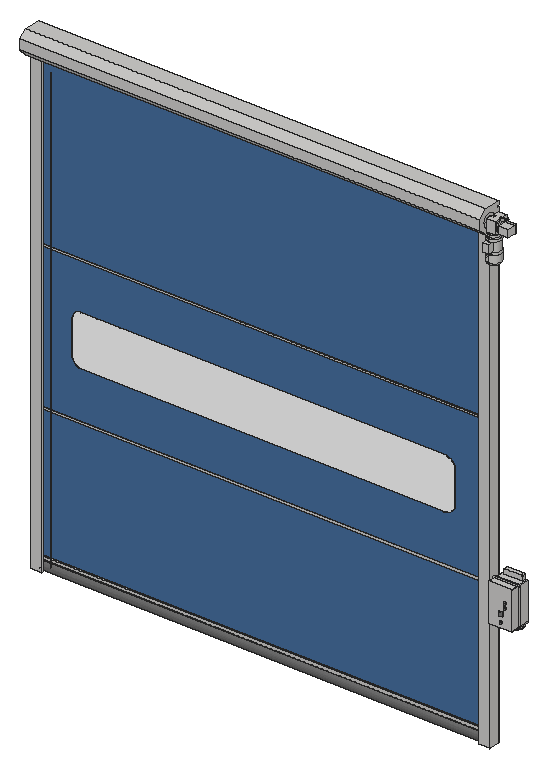
Revit family "g2021_EN_Roll-up-Door_Ferroflex_Quick-Door_Fenroll_D00683ES", category Doors, host Wall, Revit 2021
Family settings
  Host = Wall
  OmniClass Number = 23.30.10.00
  OmniClass Title = Doors
  Always vertical = Yes
  Cut with Voids When Loaded = No
  Shared = No
  Room Calculation Point = No
Parameters (values of type "Roll-up Door, 4500 x 4500 m")
  Zone = ""
  Expected Service Life = ""
  Vertical Motor [instance] = not(Horizontal Motor)  # yes
  GDO-BIM Standard Version = "GDO-BIM V02"  # constant formula
  Version = "RVT2021"  # constant formula
  Measuring Unit = "Unit"  # constant formula
  Unit = ""
  Uniclass2015 Code = ""
  Uniclass2015 Title = ""
  Declaration of Performance URL = "https://ferroflexindustrialaccess.com/productos/puerta-rapida-enrollable-acero"
  Product URL = "https://ferroflexindustrialaccess.com/productos/puerta-rapida-enrollable-acero"
  BIM Profile URL = "https://bimetica.com/en/bim-object-ferroflex-high-speed-roll-up-door-steel-fenrolld00683es-v2-15964.html"
  URL = "https://ferroflexindustrialaccess.com/productos/puerta-rapida-enrollable-acero"
  UNSPSC Title = "Rolling doors"  # constant formula
  UNSPSC Code = "30171503"  # constant formula
  Type Comments = ""
  Owner = "MANUSA GEST, S.L."  # constant formula
  Container Protection Type = ""
  Service Life Duration = ""
  Mean Time Between Failure = ""
  Thickness = E  # 110 mm
  Telephone Contact = "0034 937 263 433"  # constant formula
  BIM technical support = "https://bimsupport.info/en/fabricantes/ferroflex/"
  Series = "Roll-up Doors"  # constant formula
  FireExit = no
  Safety and Security Contact = ""
  Tender Contact = ""
  Purchase Contact = ""
  Hazardous Waste Per Unit = 0
  NonHazardous Waste Per Unit = 0
  Radioactive Waste Per Unit = 0
  Inert Waste Per Unit = 0
  Functional Unit Reference = ""
  Batch Reference = ""
  Technical Support Contact = "ferroflex@ferroflex.net"  # constant formula
  Sales Representative Contact = "ferroflex@ferroflex.net"  # constant formula
  Reference = "D00683ES-V2"  # constant formula
  Point of Contact = "https://ferroflexindustrialaccess.com/contact"
  BIM Content Download Platform = "www.bimetica.com"
  Weight = 0.00 kg
  Warranty Period = "One year"  # constant formula
  Tender Text URL = ""
  Country of Sale = ""
  Operation = "Enrrollable"  # constant formula
  Omniclass Title = "Access Doors"  # constant formula
  Omniclass Code = "23-17 11 27 13"  # constant formula
  License Number = "XXX-XXXX7125"  # constant formula
  Declaration of Performance Number = ""
  Serial Number = ""
  Global Trade Item Number = ""
  Article Number = "D00683ES-V2"  # constant formula
  Risk Level = ""
  Model = "Fenroll"  # constant formula
  Material Telon = PVC_Blue
  Wrapping Material = "Plastic wrapping"
  Container Material = "Wooden box"
  Material = Iron_Laquered
  Masterformat Title = "Access Doors and Panels"  # constant formula
  Masterformat Code = "08 31 00"  # constant formula
  CE Mark = yes
  Manufacturer = "Ferroflex S.L.U."  # constant formula
  Maintenance = ""
  Assembly Place = "On site"
  Special Instructions = ""
  Technical Information = ""
  Infiltration = 0
  IfcExportType = "Roll-up door"  # constant formula
  IfcExportAs = "IfcDoor"  # constant formula
  Warranty Identifier = ""
  Horizontal Motor [instance] = no
  History = "(RVT2021) Creation of Element."  # constant formula
  Gubimclass Code = "Puertas de acceso"  # constant formula
  Gubimclass Title = "80.10.40.20"  # constant formula
  Is Extended Warranty = no
  G = 320 mm  # constant formula
  Function = Interior
  LCA Data Source = ""
  Frame Projection Ext. = 25 mm
  Frame Projection Int. = 25 mm
  Fire Rating = "Curtain ISO 3795-89"  # constant formula
  E = 110 mm  # constant formula
  D = 115 mm  # constant formula
  Description = "Rapid roll-up door, consisting of guides and head in lacquered or stainless steel. PVC canvas with polyester fabric, color to choose. Control panel with variator. Active security by means of crossed photocells barriers and possibility of lower skirt with resistive band."  # constant formula
  Define Thermal Properties by = Schematic Type
  Control panel Visible [instance] = yes
  C = 500 mm  # constant formula
  B = 240 mm  # constant formula
  Sight glass area = "Possibility of sight glass areas are available"
  Angl [instance] = if(Vertical Motor, 180.00°, if(Horizontal Motor, 90.00°, 0.00°))  # 180.00°
  Analytic Construction = "<Ninguno>"
  Height = if((Clear Height + 500 mm) < 2100 mm, 2100 mm, if((Clear Height + 500 mm) > 4500 mm, 4500 mm, Clear Height))  # 4500 mm
  Wall Closure = Interior
  Width = if((Clear Width + 115 mm) < 1000 mm, 1000 mm, if((Clear Width + 115 mm) > 4500 mm, 4500 mm, Clear Width))  # 4500 mm
  Glazing Area Fraction = 0
  Photochemical Ozone Formation Per Unit = 0
  BIM Eelement Expiry Date = "2 years"  # constant formula
  Supply Date = ""
  Warranty Start Date = ""
  Warranty End Date = ""
  Assessment Date = ""
  BIM Element Issue Date = "29/11/2022"  # constant formula
  Purchase Date = ""
  Installation Date = ""
  Life Cycle Phase = ""
  Resource Depletion Per Unit = 0
  Exclusions = ""
  Eutrophication Per Unit = 0
  Model Label = "Fenroll Roll-up Door"  # constant formula
  Safety Standard = "2006/42/CE"
  Clear Area to Access = 0 mm
  Space = ""
  HasDrive = yes
  Is External = 1 = 1  # yes
  Is Accesible = no
  Energy Spent = 0
  Renewable Energy Consumption Per Unit = 0
  Total Primary Energy Consumption Per Unit = 0
  Non Renewable Energy Consumption Per Unit = 0
  Contact Email = "ferroflex@ferroflex.net"  # constant formula
  Stratospheric Ozone Layer Destruction Per Unit = 0
  Exterior Offset = 0 mm
  Interior Offset = 0 mm
  Assessment Description = ""
  Dependent Of = ""
  Environmental Product Declaration URL = ""
  LEED Credits = ""
  BREEAM Credits = ""
  Maintenance Cost = 0
  SmokeStop = no
  Warranty Content = "Materials"
  Contact = "https://ferroflexindustrialaccess.com/contact"
  Condition of Sale = ""
  Assessment Condition = ""
  Barcode = ""
  Code = "Fenroll"  # constant formula
  Hygrothermal Rating = ""
  Security Rating = "ISO 1421 / ISO 13937-2"
  Water Tightness Rating = ""
  Mechanical Load Rating = ""
  Wind Load Rating = "Class 2"  # constant formula
  Self Closing = no
  Climate Change Per Unit = 0
  Durability Rating = ""
  COBie Category = "IfcDoor"  # constant formula
  Product Pricing Database 03 = ""
  Product Pricing Database 02 = ""
  Product Pricing Database 01 = ""
  Author = "Bimetica Parametric Design Services S.L."  # constant formula
  Production Year = ""
  Clear Width = 4500 mm
  Minimum Required Height = 2100 mm
  Clear Height = 4500 mm
  Control panel Height = 1200 mm
  Water Consumption Per Unit = 0
  Atmospheric Acidification Per Unit = 0
  Finish = "Laquered"
  A = 240 mm  # constant formula
Reference planes
  plane 1: y = 0
  plane 2 "Center (Left/Right)": x = 0
  plane 3 "Left": x = -2250
  plane 4 "Right": x = 2250
  plane 5: z = 4500
  plane 6 "Exterior": y = -150
  plane 7 "Interior": y = -150
  plane 8: x = 2365
  plane 9: x = -2365
  plane 10: y = -260
  plane 11: z = 5000
  plane 12: y = -390
  plane 13 "Cuadro de Mando": z = 1200
  plane 14 "Motor": z = 4880
  plane 15 "Bottom": z = 0
  plane 16: z = 4760
  plane 17: x = 2685
  plane 18 "MM": x = 2453
Forms (mm)
  Extrusion 1, solid, material "Iron_Laquered" <- "Material"
    sketch origin (0, 0, 0) x (0, 1, 0) y (0, 0, 1)
      loop
        line (-150, 5000) -> (-320.389, 5000) -> (-390, 4930.389) -> (-390, 4829.789) -> (-320.211, 4760) -> (-150, 4760) -> (-150, 4940) -> (-170, 4940) -> (-170, 4960) -> (-150, 4960) -> (-150, 5000)
    from -2365 to 2365
  Extrusion 2, solid, material "Iron_Laquered" <- "Material"
    sketch origin (0, 0, 0) x (0, 1, 0) y (-1, 0, 0)
      loop
        line (-150, -2362) -> (-150, -2246.609)
        arc (-150, -2246.609) -> (-150.702, -2244.681) -> (-152.479, -2243.655) r 3
        line (-152.479, -2243.655) -> (-159.771, -2242.369) -> (-160.373, -2245.783) -> (-183.282, -2240.951) -> (-183.282, -2317.666) -> (-247.836, -2317.666) -> (-247.836, -2245.194) -> (-251.608, -2245.99) -> (-251.782, -2245.005) -> (-257.521, -2246.017)
        arc (-257.521, -2246.017) -> (-259.298, -2247.043) -> (-260, -2248.971) r 3
        line (-260, -2248.971) -> (-260, -2362)
        arc (-260, -2362) -> (-259.121, -2364.121) -> (-257, -2365) r 3
        line (-257, -2365) -> (-153, -2365)
        arc (-153, -2365) -> (-150.879, -2364.121) -> (-150, -2362) r 3
      loop
        arc (-150, 2362) -> (-150.879, 2364.121) -> (-153, 2365) r 3
        line (-153, 2365) -> (-257, 2365)
        arc (-257, 2365) -> (-259.121, 2364.121) -> (-260, 2362) r 3
        line (-260, 2362) -> (-260, 2248.971)
        arc (-260, 2248.971) -> (-259.298, 2247.043) -> (-257.521, 2246.017) r 3
        line (-257.521, 2246.017) -> (-251.782, 2245.005) -> (-251.608, 2245.99) -> (-247.836, 2245.194) -> (-247.836, 2317.666) -> (-183.282, 2317.666) -> (-183.282, 2240.951) -> (-160.373, 2245.783) -> (-159.771, 2242.369) -> (-152.479, 2243.655)
        arc (-152.479, 2243.655) -> (-150.702, 2244.681) -> (-150, 2246.609) r 3
        line (-150, 2246.609) -> (-150, 2362)
    from 0 to 4760
  Extrusion 3, solid, material "Iron_Laquered" <- "Material", detail levels medium+fine
    sketch origin (0, 0, 0) x (0, 1, 0) y (0, 0, 1)
      loop
        line (-238.859, 142.255) -> (-238.859, 112.255) -> (-235.34, 104.331)
        arc (-235.34, 104.331) -> (-246.667, 48.579) -> (-217.059, 0) r 77.879
        line (-217.059, 0) -> (-214.059, 0)
        arc (-214.059, 0) -> (-184.451, 48.579) -> (-195.778, 104.331) r 77.879
        line (-195.778, 104.331) -> (-192.259, 112.255) -> (-192.259, 142.255) -> (-238.859, 142.255)
    from -2317.666 to 2317.666
  Extrusion 4, solid, material "PVC_Blue" <- "Material Telon", detail levels medium+fine
    sketch origin (0, -150, 0) x (1, 0, 0) y (0, 0, 1)
      loop
        line (-2317.666, 4760) -> (-2317.666, 142.255) -> (2317.666, 142.255) -> (2317.666, 4760) -> (-2317.666, 4760)
      loop
        line (1971.235, 2089.55) -> (1971.235, 2410.45)
        arc (1971.235, 2410.45) -> (1941.946, 2481.161) -> (1871.235, 2510.45) r 100
        line (1871.235, 2510.45) -> (-1870.893, 2510.45)
        arc (-1870.893, 2510.45) -> (-1941.603, 2481.161) -> (-1970.893, 2410.45) r 100
        line (-1970.893, 2410.45) -> (-1970.893, 2089.55)
        arc (-1970.893, 2089.55) -> (-1941.603, 2018.839) -> (-1870.893, 1989.55) r 100
        line (-1870.893, 1989.55) -> (1871.235, 1989.55)
        arc (1871.235, 1989.55) -> (1941.946, 2018.839) -> (1971.235, 2089.55) r 100
    from 63.559 to 67.559
  Extrusion 5, solid, material "PVC_Transparente", detail levels medium+fine
    sketch origin (0, -150, 0) x (1, 0, 0) y (0, 0, 1)
      loop
        arc (-1970.893, 2089.55) -> (-1941.603, 2018.839) -> (-1870.893, 1989.55) r 100
        line (-1870.893, 1989.55) -> (1871.235, 1989.55)
        arc (1871.235, 1989.55) -> (1941.946, 2018.839) -> (1971.235, 2089.55) r 100
        line (1971.235, 2089.55) -> (1971.235, 2410.45)
        arc (1971.235, 2410.45) -> (1941.946, 2481.161) -> (1871.235, 2510.45) r 100
        line (1871.235, 2510.45) -> (-1870.893, 2510.45)
        arc (-1870.893, 2510.45) -> (-1941.603, 2481.161) -> (-1970.893, 2410.45) r 100
        line (-1970.893, 2410.45) -> (-1970.893, 2089.55)
    from 63.559 to 67.559
  Extrusion 6, solid, material "Iron_Laquered" <- "Material", detail levels fine
    sketch origin (0, 0, 0) x (0, 1, 0) y (0, 0, 1)
      loop
        line (-217.559, 1510) -> (-227.559, 1510) -> (-227.559, 1490) -> (-217.559, 1490) -> (-217.559, 1510)
      loop
        line (-217.559, 3010) -> (-227.559, 3010) -> (-227.559, 2990) -> (-217.559, 2990) -> (-217.559, 3010)
    from -2317.666 to 2317.666
  Revolve 7, solid, material "Iron_Laquered" <- "Material", detail levels medium+fine
    sketch origin (2453, -270, 4880) x (0, 0, -1) y (0, -1, 0)
      loop
        line (319.068, 117.917) -> (238.44, 117.917) -> (236.307, 120.05) -> (217, 120.05) -> (217, 112.766) -> (118, 112.766) -> (118, 117.498) -> (102, 117.498) -> (102, 104.934) -> (85.1, 102.559) -> (72, 102.559) -> (72, 85.622) -> (64.594, 84.581) -> (64.594, 75.32) -> (30.225, 75.32) -> (30.225, 69.254) -> (-48.281, 69.254) -> (-48.281, 50) -> (337, 50) -> (337, 107.564) -> (319.068, 117.917)
      axis (337, 50) -> (-48.281, 50)
    angle from 0 to 360
  Revolve 8, solid, material "Iron_Laquered" <- "Material", detail levels medium+fine
    sketch origin (2453, -236.25, 4880) x (-1, 0, 0) y (0, -1, 0)
      loop
        line (-48, 35.959) -> (-48, 18.71) -> (-45.5, 18.71) -> (-45.5, -5) -> (-44.5, -5) -> (-44.5, -13.438) -> (-26.5, -13.438) -> (-26.5, -10.269) -> (22.5, -10.269) -> (22.5, -13.438) -> (40.5, -13.438) -> (40.5, 0) -> (79, 0) -> (79, -20) -> (88, -20) -> (88, 45) -> (-72, 45) -> (-72, 35.959) -> (-48, 35.959)
      axis (-72, 45) -> (88, 45)
    angle from 0 to 360
  Extrusion 9, solid, material "Iron_Laquered" <- "Material", detail levels fine
    sketch origin (2453, -270, 4880) x (0, 0, -1) y (0, -1, 0)
      loop
        line (-60.281, -60) -> (60, -60) -> (60, 84) -> (-60.281, 84) -> (-60.281, -60)
      loop
        line (-48.281, -48) -> (48, -48) -> (48, 72) -> (-48.281, 72) -> (-48.281, -48)
    from -41.7 to 42.5
  Extrusion 10, solid, material "Iron_Laquered" <- "Material", detail levels fine
    sketch origin (2453, -270, 4880) x (-1, 0, 0) y (0, -1, 0)
      loop
        line (-61.5, -13) -> (-61.5, -47) -> (-60.5, -47) -> (-60.5, -12) -> (-170.5, -12) -> (-170.5, -13) -> (-61.5, -13)
    from -48 to 43.064
  Extrusion 11, solid, material "Iron_Laquered" <- "Material", detail levels fine
    sketch origin (2453, -270, 4880) x (-1, 0, 0) y (0, -1, 0)
      loop
        line (-72, -11) -> (-72, 77.5) -> (-168.618, 77.5) -> (-168.618, -11) -> (-72, -11)
    from -47 to 28.816
  Extrusion 12, solid, material "Iron_Laquered" <- "Material", detail levels fine
    sketch origin (2453, -270, 4880) x (0, 0, -1) y (0, -1, 0)
      loop
        circle (36.357, -35.693) r 6.956
      loop
        circle (-35.976, -35.693) r 6.956
    from 0 to -73.513
  Extrusion 13, solid, material "Iron_Laquered" <- "Material", visible <- "Control panel Visible", detail levels fine
    sketch origin (-249.719, -150, 40.117) x (1, 0, 0) y (0, 0, 1)
      loop
        arc (2678.182, 1576.883) -> (2664.04, 1571.025) -> (2658.182, 1556.883) r 20
        line (2658.182, 1556.883) -> (2658.182, 1179.883)
        arc (2658.182, 1179.883) -> (2664.04, 1165.741) -> (2678.182, 1159.883) r 20
        line (2678.182, 1159.883) -> (2903.182, 1159.883)
        arc (2903.182, 1159.883) -> (2917.324, 1165.741) -> (2923.182, 1179.883) r 20
        line (2923.182, 1179.883) -> (2923.182, 1556.883)
        arc (2923.182, 1556.883) -> (2917.324, 1571.025) -> (2903.182, 1576.883) r 20
        line (2903.182, 1576.883) -> (2678.182, 1576.883)
    from 116.737 to 128.106
  Extrusion 14, solid, material "Iron_Laquered" <- "Material", visible <- "Control panel Visible"
    sketch origin (37.957, -150, 0.225) x (1, 0, 0) y (0, 0, 1)
      loop
        arc (2390.507, 1604.775) -> (2384.85, 1602.432) -> (2382.507, 1596.775) r 8
        line (2382.507, 1596.775) -> (2382.507, 1219.775)
        arc (2382.507, 1219.775) -> (2384.85, 1214.118) -> (2390.507, 1211.775) r 8
        line (2390.507, 1211.775) -> (2615.507, 1211.775)
        arc (2615.507, 1211.775) -> (2621.163, 1214.118) -> (2623.507, 1219.775) r 8
        line (2623.507, 1219.775) -> (2623.507, 1596.775)
        arc (2623.507, 1596.775) -> (2621.163, 1602.432) -> (2615.507, 1604.775) r 8
        line (2615.507, 1604.775) -> (2390.507, 1604.775)
    from 0 to 196.334
  Extrusion 15, solid, material "Iron_Laquered" <- "Material", visible <- "Control panel Visible", detail levels fine
    sketch origin (0, -150, 0) x (1, 0, 0) y (0, 0, 1)
      loop
        arc (2455.964, 1656.5) -> (2448.893, 1653.571) -> (2445.964, 1646.5) r 10
        line (2445.964, 1646.5) -> (2445.964, 1605) -> (2635.964, 1605) -> (2635.964, 1645.5)
        arc (2635.964, 1645.5) -> (2632.742, 1653.278) -> (2624.964, 1656.5) r 11
        line (2624.964, 1656.5) -> (2455.964, 1656.5)
      loop
        line (2455.964, 1160.5) -> (2624.964, 1160.5)
        arc (2624.964, 1160.5) -> (2632.742, 1163.722) -> (2635.964, 1171.5) r 11
        line (2635.964, 1171.5) -> (2635.964, 1212) -> (2445.964, 1212) -> (2445.964, 1170.5)
        arc (2445.964, 1170.5) -> (2448.893, 1163.429) -> (2455.964, 1160.5) r 10
    from 0 to 33.5
  Extrusion 16, solid, material "Plastic, Opaque Black", visible <- "Control panel Visible", detail levels fine
    sketch origin (0, -150, 0) x (1, 0, 0) y (0, 0, 1)
      loop
        circle (2588.964, 1451.338) r 12
      loop
        circle (2588.964, 1406.338) r 12
      loop
        circle (2547.618, 1263.399) r 12
      loop
        line (2524.578, 1366.097) -> (2524.578, 1321.097) -> (2569.578, 1321.097) -> (2569.578, 1366.097) -> (2524.578, 1366.097)
    from 196.334 to 200.635
  Sweep 17, solid, material "Iron_Laquered" <- "Material", detail levels fine
    path origin (2453, -270, 4880) x (0, 0, -1) y (0, -1, 0)
      loop
        line (217, 50) -> (217, 155)
    profile origin (2453, -372.5, 4663) x (0, 0, 1) y (-1, 0, 0)
      loop
        line (90.546, 30) -> (5.546, 30) -> (5.546, -30) -> (90.546, -30) -> (90.546, 30)
      loop
        circle (-28.771, 0) r 5
  Extrusion 18, solid, material "PVC_Blue" <- "Material Telon", detail levels coarse
    sketch origin (0, -150, 0) x (1, 0, 0) y (0, 0, 1)
      loop
        line (2317.666, 4760) -> (-2317.666, 4760) -> (-2317.666, 0) -> (2317.666, 0) -> (2317.666, 4760)
    from 63.559 to 67.559
  Extrusion 19, solid, material "Iron_Laquered" <- "Material", detail levels coarse
    sketch origin (2453, -1722.196, 4880) x (-1, 0, 0) y (0, -1, 0)
      loop
        circle (0, -1402.246) r 70
    from -337 to 60
Lines and regions (mm)
  Opening 1
    outline origin (-3050, -150, 0) x (1, 0, 0) y (0, 0, 1)
      loop
        line (800, 0) -> (5300, 0) -> (5300, 4500) -> (800, 4500) -> (800, 0)
  symbolic lines, style "DoorsHiddenLines"
    curve 1: line (-2365, -150, 0) -> (-2365, -390, 0)
    curve 2: line (2365, -390, 0) -> (-2365, -390, 0)
    curve 3: line (2365, -150, 0) -> (2365, -390, 0)
    curve 4: circle (2453, -317.754, 0) r 70 normal (0, 0, 1)
    curve 5: line (-2317.666, -183.282, 0) -> (2317.666, -183.282, 0)
    curve 6: line (2317.666, -247.836, 0) -> (-2317.666, -247.836, 0)
    curve 12: line (2365, -150, 0) -> (-2365, -150, 0)
    curve 13: line (-2317.666, -183.282, 0) -> (-2317.666, -247.836, 0)
    curve 14: line (2317.666, -183.282, 0) -> (2317.666, -247.836, 0)
  reference lines
    curve 7: line (-2943.704, -150, 2250) -> (2956.296, -150, 2250)
    curve 8: line (0, -809.678, 3000) -> (0, -189.678, 3000)
    curve 9: line (0, -809.678, 1500) -> (0, -189.678, 1500)
    curve 10: line (2453, -270, 5436.19) -> (2453, -270, 3856.19)
    curve 11: line (2453, -270, 4880) -> (2453, -270, 4380)
Text (mm)
  text "Exterior" at (-1759.87, 1099.543, 0), in view "Ref. Level"
  text "Exterior" at (0, 1615.38, 3698.081), in view "Left"
  text "Exterior" at (0, 1036.032, 3874.932), in view "Right"
Dimensions and locks
  equal spacing: plane 3 "Left", plane 2 "Center (Left/Right)", plane 4 "Right"
  "Width": plane 3 "Left" to plane 4 "Right"
  "Height": plane 5 to host wall
  "C": plane 5 to plane 11
  host wall to plane 5 = 4500 mm
  "Interior Offset": plane 6 "Exterior" to plane 7 "Interior"
  "Exterior Offset": host wall to plane 7 "Interior"
  "D": plane 9 to plane 3 "Left"
  "D": plane 4 "Right" to plane 8
  plane 3 "Left" to plane 9 = 115 mm
  "E": plane 10 to plane 6 "Exterior"
  locked: plane 6 "Exterior" to plane 12 at 240
  "Control panel Height": plane 13 "Cuadro de Mando" to level
  plane 5 to plane 14 "Motor" = 380 mm
  locked: level to plane 15 "Bottom"
  "A": plane 16 to plane 11
  equal spacing: plane 16, plane 14 "Motor", plane 11
  Extrusion 1 sketch curve to Extrusion 1 sketch curve to plane 11 = 20 mm locked, 40 mm locked
  locked: plane 6 "Exterior" to Extrusion 1 sketch curve at 20
  Extrusion 1 sketch curve to Extrusion 1 sketch curve to plane 12 = 0.179 mm locked, 69.611 mm locked
  locked: plane 16 to Extrusion 1 sketch curve at 69.789
  locked: plane 11 to Extrusion 1 sketch curve at 69.611
  Extrusion 2 sketch curve to Extrusion 2 sketch curve to Extrusion 2 sketch curve to Extrusion 2 sketch curve to Extrusion 2 sketch curve to Extrusion 2 sketch curve to Extrusion 2 sketch curve to Extrusion 2 sketch curve to Extrusion 2 sketch curve to Extrusion 2 sketch curve to Extrusion 2 sketch curve to Extrusion 2 sketch curve = 3 mm locked, 0 mm locked, 6.771 mm locked, 0.602 mm locked, 22.908 mm locked, 64.554 mm locked, 3.773 mm locked, 0.174 mm locked, 5.218 mm locked, 0 mm locked, 3 mm locked  (x2)
  Extrusion 2 sketch curve to Extrusion 2 sketch curve to Extrusion 2 sketch curve to Extrusion 2 sketch curve to Extrusion 2 sketch curve to Extrusion 2 sketch curve to Extrusion 2 sketch curve to Extrusion 2 sketch curve to Extrusion 2 sketch curve to Extrusion 2 sketch curve to Extrusion 2 sketch curve to Extrusion 2 sketch curve = 1.417 mm locked, 2.636 mm locked, 0.189 mm locked, 0.589 mm locked, 0.207 mm locked, 0.619 mm locked, 2.362 mm locked, 68.695 mm locked, 44.334 mm locked, 0 mm locked, 3 mm locked  (x2)
  locked: Extrusion 2 sketch curve to plane 8
  locked: plane 6 "Exterior" to Extrusion 2 sketch curve  (x2)
  locked: plane 9 to Extrusion 2 sketch curve
  Extrusion 3 sketch curve to Extrusion 3 sketch curve to Extrusion 3 sketch curve to Extrusion 3 sketch curve to Extrusion 3 sketch curve to Extrusion 3 sketch curve to Extrusion 3 sketch curve to Extrusion 3 sketch curve to plane 15 "Bottom" = 30 mm locked, 0 mm locked, 7.924 mm locked, 0 mm locked, 42.31 mm locked, 0 mm locked, 62.02 mm locked, 0 mm locked
  plane 6 "Exterior" to Extrusion 3 sketch curve to Extrusion 3 sketch curve to Extrusion 3 sketch curve to Extrusion 3 sketch curve to Extrusion 3 sketch curve to Extrusion 3 sketch curve = 19.957 mm locked, 22.302 mm locked, 3.519 mm locked, 39.562 mm locked, 3.519 mm locked, 22.302 mm locked
  locked: plane 4 "Right" to Extrusion 3 at 67.666
  locked: Extrusion 3 to plane 3 "Left" at 67.666
  locked: Extrusion 4 sketch curve to plane 3 "Left" at 67.666
  locked: plane 4 "Right" to Extrusion 4 sketch curve at 67.666
  locked: Extrusion 4 sketch curve to plane 15 "Bottom" at 142.255
  equal spacing: plane 5, curve 7, plane 15 "Bottom"
  locked: Extrusion 4 sketch curve to plane 4 "Right" at 278.765
  locked: plane 3 "Left" to Extrusion 4 sketch curve at 279.107
  Extrusion 4 sketch curve to curve 7 to Extrusion 4 sketch curve = 260.45 mm locked, 260.45 mm locked
  equal spacing: plane 5, curve 8, curve 9, plane 15 "Bottom"
  Extrusion 6 sketch curve to curve 9 to Extrusion 6 sketch curve = 10 mm locked, 10 mm locked
  Extrusion 6 sketch curve to curve 8 to Extrusion 6 sketch curve = 10 mm locked, 10 mm locked
  plane 6 "Exterior" to Extrusion 6 sketch curve to Extrusion 6 sketch curve = 67.559 mm locked, 10 mm locked
  "G": plane 17 to plane 8
  locked: plane 18 "MM" to plane 8 at 88
  equal spacing: plane 6 "Exterior", curve 10, plane 12
  locked: Extrusion 13 sketch curve to plane 13 "Cuadro de Mando" at 417
  Extrusion 13 sketch curve to Extrusion 13 sketch curve to plane 8 = 265 mm locked, 43.464 mm locked
  Extrusion 14 sketch curve to Extrusion 14 sketch curve to plane 13 "Cuadro de Mando" = 393 mm locked, 12 mm locked
  Extrusion 14 sketch curve to Extrusion 14 sketch curve to plane 8 = 241 mm locked, 55.464 mm locked
  Extrusion 15 sketch curve to Extrusion 15 sketch curve to plane 8 = 190 mm locked, 80.964 mm locked
  Extrusion 15 sketch curve to Extrusion 15 sketch curve to Extrusion 15 sketch curve to plane 13 "Cuadro de Mando" to Extrusion 15 sketch curve = 51.5 mm locked, 393 mm locked, 12 mm locked, 39.5 mm locked
  Extrusion 16 sketch curve to Extrusion 16 sketch curve to Extrusion 16 sketch curve to Extrusion 16 sketch curve to Extrusion 16 sketch curve to plane 13 "Cuadro de Mando" = 45 mm locked, 40.241 mm locked, 45 mm locked, 57.698 mm locked, 63.399 mm locked
  Extrusion 16 sketch curve to Extrusion 16 sketch curve to Extrusion 16 sketch curve to Extrusion 16 sketch curve to Extrusion 16 sketch curve to plane 8 = 0 mm locked, 19.386 mm locked, 21.96 mm locked, 23.04 mm locked, 159.578 mm locked
  locked: plane 3 "Left" to Extrusion 5 sketch curve at 279.107
  locked: Extrusion 5 sketch curve to plane 4 "Right" at 278.765
  Extrusion 5 sketch curve to curve 7 to Extrusion 5 sketch curve = 260.45 mm locked, 260.45 mm locked
  Extrusion 4 sketch curve to Extrusion 4 sketch curve to curve 7 to Extrusion 4 sketch curve to Extrusion 4 sketch curve = 0 mm locked, 160.45 mm locked, 160.45 mm locked, 0 mm locked
  Extrusion 4 sketch curve to Extrusion 4 sketch curve to plane 4 "Right" = 0 mm locked, 378.765 mm locked
  locked: curve 4 to plane 10 at 57.754
  locked: Revolve 8 sketch curve to Extrusion 10 at 23.25
  Revolve 8 sketch curve to Revolve 8 sketch curve to Revolve 8 sketch curve to Revolve 8 sketch curve to Revolve 8 sketch curve to Revolve 8 sketch curve to Revolve 8 sketch curve to Revolve 8 sketch curve to Revolve 8 sketch curve = 6.562 mm locked, 0 mm locked, 3.168 mm locked, 5.269 mm locked, 5 mm locked, 18.71 mm locked, 17.249 mm locked, 9.041 mm locked
  "Angl": angle curve 11 to curve 10
  aligned and locked: plane 3 "Left" to Opening 1 sketch curve
  aligned and locked: plane 5 to Opening 1 sketch curve  (x2)
  aligned and locked: Opening 1 sketch curve to plane 4 "Right"
  aligned and locked: Opening 1 sketch curve to level
  aligned and locked: host wall to plane 1
  aligned and locked: plane 9 to curve 1
  aligned and locked: Extrusion 1 sketch curve to plane 11
  aligned and locked: plane 16 to Extrusion 1 sketch curve
  aligned and locked: Extrusion 1 sketch curve to plane 12
  aligned and locked: plane 6 "Exterior" to Extrusion 1 sketch curve  (x2)
  aligned and locked: plane 9 to Extrusion 1
  aligned and locked: plane 8 to Extrusion 1
  aligned and locked: Extrusion 2 to plane 16
  aligned and locked: plane 16 to Extrusion 4 sketch curve
  aligned and locked: Extrusion 6 sketch curve to Extrusion 6 sketch curve  (x2)
  aligned and locked: Extrusion 6 to Extrusion 2  (x2)
  aligned and locked: plane 14 "Motor" to curve 11
  aligned and locked: curve 10 to curve 11
  aligned and locked: plane 13 "Cuadro de Mando" to Extrusion 13 sketch curve
  aligned and locked: Extrusion 15 sketch curve to Extrusion 15 sketch curve  (x2)
  aligned and locked: curve 3 to plane 8
  aligned and locked: plane 12 to curve 2
  aligned and locked: Extrusion 2 to curve 14
  aligned and locked: curve 5 to Extrusion 2
  aligned and locked: curve 6 to Extrusion 2
  aligned and locked: plane 18 "MM" to curve 4
  aligned and locked: Revolve 8 sketch curve to Extrusion 2
  aligned and locked: Extrusion 11 to Revolve 8 sketch curve
  aligned and locked: Revolve 8 sketch curve to Revolve 8 sketch curve
  aligned and locked: plane 15 "Bottom" to Extrusion 18 sketch curve
  aligned and locked: Extrusion 2 to Extrusion 18 sketch curve
  aligned and locked: Extrusion 18 sketch curve to Extrusion 2
  aligned and locked: plane 16 to Extrusion 18 sketch curve
Automatic sketch dimensions
  curve 9 to plane 12 = 419.678 mm
  curve 8 to plane 12 = 419.678 mm
  plane 7 "Interior" to curve 9 = 39.678 mm
  plane 7 "Interior" to curve 8 = 39.678 mm
  Extrusion 2 sketch curve to plane 10 = 2.479 mm  (x2)
  plane 6 "Exterior" to Extrusion 2 sketch curve = 2.479 mm  (x2)
  plane 9 to curve 7 = 578.704 mm
  plane 17 to curve 7 = 271.296 mm
  plane 11 to curve 10 = 436.19 mm
  plane 5 to curve 10 = 643.81 mm
  Extrusion 9 sketch curve to curve 11 = 60.281 mm
  Extrusion 9 sketch curve to Extrusion 9 sketch curve = 12 mm  (x4)
  curve 11 to Extrusion 9 sketch curve = 48 mm
  curve 11 to Extrusion 9 sketch curve = 60 mm
  curve 11 to Extrusion 9 sketch curve = 72 mm
  Extrusion 10 sketch curve to plane 17 = 61.5 mm
  Extrusion 10 sketch curve to plane 18 "MM" = 61.5 mm
  Extrusion 10 sketch curve to Extrusion 10 sketch curve = 1 mm  (x2)
  Extrusion 10 sketch curve to Extrusion 10 sketch curve = 34 mm
  Extrusion 11 sketch curve to plane 17 = 63.382 mm
  Extrusion 11 sketch curve to plane 18 "MM" = 72 mm
  Extrusion 12 sketch curve to curve 11 = 35.976 mm
  curve 11 to Extrusion 12 sketch curve = 36.357 mm
  curve 11 to Extrusion 12 sketch curve = 35.693 mm  (x2)
  Extrusion 11 sketch curve to Extrusion 11 sketch curve = 88.5 mm
  Sweep 17 sketch curve to Sweep 17 sketch curve = 105 mm
  curve 11 to Sweep 17 sketch curve = 217 mm
  Sweep 17 sketch curve to curve 11 = 50 mm
  Sweep 17 sketch curve to profile plane = 0 mm
  profile plane to Sweep 17 sketch curve = 28.771 mm
  Sweep 17 sketch curve to profile plane = 5.546 mm
  Sweep 17 sketch curve to profile plane = 30 mm
  Sweep 17 sketch curve to Sweep 17 sketch curve = 85 mm
  profile plane to Sweep 17 sketch curve = 30 mm
  Extrusion 5 sketch curve to Extrusion 5 sketch curve = 100 mm  (x4)
  plane 18 "MM" to Extrusion 13 sketch curve = 24.536 mm
  Extrusion 13 sketch curve to Extrusion 13 sketch curve = 20 mm  (x2)
  plane 13 "Cuadro de Mando" to Extrusion 13 sketch curve = 20 mm
  Extrusion 14 sketch curve to Extrusion 14 sketch curve = 8 mm  (x4)
  Extrusion 15 sketch curve to plane 18 "MM" = 2.964 mm  (x2)
  Extrusion 15 sketch curve to Extrusion 15 sketch curve = 11 mm  (x2)
  plane 6 "Exterior" to curve 12 = 0 mm
  curve 13 to plane 9 = 47.334 mm
  plane 8 to Revolve 8 sketch curve = 9 mm
  Revolve 8 sketch curve to Revolve 8 sketch curve = 38.5 mm
  Revolve 8 sketch curve to Revolve 8 sketch curve = 18 mm  (x2)
  Revolve 8 sketch curve to Revolve 8 sketch curve = 1 mm
  Revolve 8 sketch curve to Revolve 8 sketch curve = 2.5 mm
  Revolve 8 sketch curve to Revolve 8 sketch curve = 24 mm
  Revolve 8 sketch curve to Revolve 8 sketch curve = 63.986 mm
  Revolve 8 sketch curve to Revolve 8 sketch curve = 16.014 mm
  plane 8 to Extrusion 19 sketch curve = 88 mm
  Revolve 7 sketch curve to curve 11 = 48.281 mm
  curve 11 to Revolve 7 sketch curve = 30.225 mm
  Revolve 7 sketch curve to Revolve 7 sketch curve = 34.37 mm
  Revolve 7 sketch curve to Revolve 7 sketch curve = 7.406 mm
  Revolve 7 sketch curve to Revolve 7 sketch curve = 13.1 mm
  Revolve 7 sketch curve to Revolve 7 sketch curve = 16.9 mm
  Revolve 7 sketch curve to Revolve 7 sketch curve = 16 mm
  Revolve 7 sketch curve to Revolve 7 sketch curve = 99 mm
  Revolve 7 sketch curve to Revolve 7 sketch curve = 19.307 mm
  Revolve 7 sketch curve to curve 11 = 117.917 mm
  Revolve 7 sketch curve to Revolve 7 sketch curve = 2.133 mm  (x2)
  Revolve 7 sketch curve to Revolve 7 sketch curve = 80.628 mm
  curve 11 to Revolve 7 sketch curve = 117.498 mm
  Revolve 7 sketch curve to Revolve 7 sketch curve = 4.732 mm
  Revolve 7 sketch curve to Revolve 7 sketch curve = 12.564 mm
  Revolve 7 sketch curve to Revolve 7 sketch curve = 2.375 mm
  Revolve 7 sketch curve to Revolve 7 sketch curve = 16.937 mm
  Revolve 7 sketch curve to Revolve 7 sketch curve = 1.041 mm
  curve 11 to Revolve 7 sketch curve = 75.32 mm
  Revolve 7 sketch curve to Revolve 7 sketch curve = 6.065 mm
  Revolve 7 sketch curve to Revolve 7 sketch curve = 19.254 mm
  Revolve 7 sketch curve to Revolve 7 sketch curve = 78.719 mm
  Revolve 7 sketch curve to Revolve 7 sketch curve = 17.932 mm
  Revolve 7 sketch curve to Revolve 7 sketch curve = 41 mm
  Revolve 7 sketch curve to Revolve 7 sketch curve = 10.353 mm
  Revolve 7 sketch curve to curve 11 = 50 mm
  plane 10 to Extrusion 19 sketch curve = 59.95 mm
  radius of Extrusion 12 sketch curve = 6.956 mm  (x2)
  radius of Extrusion 16 sketch curve = 12 mm  (x3)
  radius of Sweep 17 sketch curve = 5 mm
  radius of curve 4 = 70 mm
  radius of Extrusion 19 sketch curve = 70 mm
